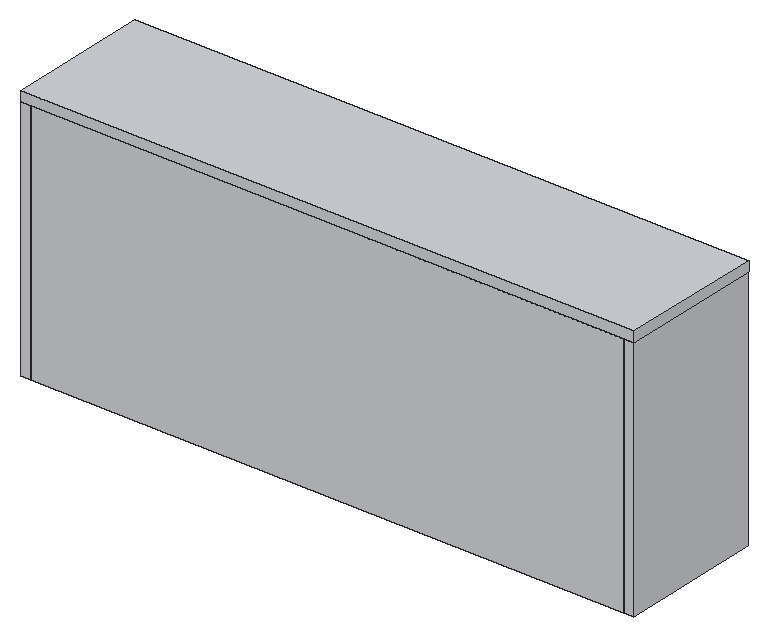
Revit family "АВЛН_Полка", category Мебель, Revit 2019
Family settings
  Номер OmniClass = 23.40.20.00
  Заголовок OmniClass = General Furniture and Specialties
  На основе рабочей плоскости = Нет
  Всегда вертикально = Да
  При загрузке вырезать с полостями = Нет
  Общий = Нет
  Точка расчета площади = Нет
Parameters (values of type "Полка к столу для препараторской1430х280х500")
  Описание = "Полка к столу для препараторской;1430х280х500;"
  Type Comments = ""
  Keynote = ""
  Manufacturer = ""
  Группа модели = "Оборудование основных помещений школы"
  ADSK_Размер_Ширина = 280 mm
  ADSK_Размер_Длина = 1200 mm
  ADSK_Размер_Высота = 500 mm
  ADSK_Обозначение = ""
  ADSK_Масса = 0
  ADSK_Код изделия = ""
  ADSK_Единица измерения = "шт"  # constant formula
Reference planes
  plane 1 "По центру (Вперед/Назад)": y = 0
  plane 2: z = 0
  plane 3 "По центру (Влево/Вправо)": x = 0
  plane 4: z = 500
  plane 5: y = 140
  plane 6: x = 600
  plane 7: x = -600
  plane 8: y = -140
Forms (mm)
  Extrusion 1, solid
    sketch origin (0, -518.993, 632.976) x (-1, 0, 0) y (0, -1, 0)
      loop
        line (600, -658.993) -> (600, -378.993) -> (-600, -378.993) -> (-600, -658.993) -> (600, -658.993)
    from -152.976 to -132.976
  Extrusion 2, solid
    sketch origin (0, 0, 0) x (1, 0, 0) y (0, 0, 1)
      loop
        line (600, 480) -> (580, 480) -> (580, 0) -> (600, 0) -> (600, 480)
      loop
        line (-600, 480) -> (-600, 0) -> (-580, 0) -> (-580, 480) -> (-600, 480)
    from -140 to 140
  Extrusion 3, solid
    sketch origin (0, 0, 0) x (1, 0, 0) y (0, 0, 1)
      loop
        line (580, 480) -> (-580, 480) -> (-580, 0) -> (580, 0) -> (580, 480)
    from 121.935 to 140
  Extrusion 4, solid
    sketch origin (0, -518.993, 232.976) x (-1, 0, 0) y (0, -1, 0)
      loop
        line (580, -658.993) -> (580, -397.058) -> (-580, -397.058) -> (-580, -658.993) -> (580, -658.993)
    from -152.976 to -132.976
  Extrusion 5, solid
    sketch origin (0, 0, 0) x (1, 0, 0) y (0, 0, 1)
      loop
        line (10.018, 480) -> (-9.982, 480) -> (-9.982, 100) -> (10.018, 100) -> (10.018, 480)
    from -140 to 121.935
Dimensions and locks
  plane 2 to plane 4 = 500 mm
  equal spacing: plane 8, plane 1 "По центру (Вперед/Назад)", plane 5
  equal spacing: plane 7, plane 3 "По центру (Влево/Вправо)", plane 6
  "ADSK_Размер_Длина": plane 7 to plane 6
  "ADSK_Размер_Ширина": plane 5 to plane 8
  "ADSK_Размер_Высота": plane 2 to plane 4
  locked: Extrusion 1 to plane 4 at 20
  locked: plane 6 to Extrusion 2 sketch curve at 20
  locked: Extrusion 2 sketch curve to plane 7 at 20
  plane 2 to Extrusion 4 to Extrusion 4 = 80 mm locked, 20 mm locked
  Extrusion 5 sketch curve to plane 3 "По центру (Влево/Вправо)" to Extrusion 5 sketch curve = 10.018 mm locked, 9.982 mm locked
  locked: Extrusion 3 to plane 8 at 18.065
  aligned and locked: level to plane 2
  aligned and locked: Extrusion 1 sketch curve to plane 5
  aligned and locked: plane 7 to Extrusion 1 sketch curve
  aligned and locked: Extrusion 1 sketch curve to plane 8
  aligned and locked: Extrusion 1 sketch curve to plane 6
  aligned and locked: Extrusion 1 to plane 4
  aligned and locked: Extrusion 2 sketch curve to Extrusion 1  (x4)
  aligned and locked: Extrusion 2 sketch curve to level
  aligned and locked: level to Extrusion 2 sketch curve
  aligned and locked: Extrusion 2 to plane 8
  aligned and locked: plane 5 to Extrusion 2
  aligned and locked: Extrusion 2 to Extrusion 3 sketch curve
  aligned and locked: Extrusion 3 sketch curve to Extrusion 2  (x2)
  aligned and locked: Extrusion 3 sketch curve to level
  aligned and locked: Extrusion 4 to Extrusion 2  (x2)
  aligned and locked: Extrusion 5 sketch curve to Extrusion 1
  aligned and locked: Extrusion 5 sketch curve to Extrusion 4
  aligned and locked: Extrusion 1 to Extrusion 5
  aligned and locked: Extrusion 3 to plane 8
  aligned and locked: Extrusion 4 to Extrusion 3
  aligned and locked: Extrusion 5 to Extrusion 3
Automatic sketch dimensions
  Extrusion 2 sketch curve to level = 0 mm
  plane 5 to Extrusion 4 sketch curve = 0 mm
  Extrusion 4 sketch curve to plane 6 = 20 mm
  plane 7 to Extrusion 4 sketch curve = 20 mm
  plane 8 to Extrusion 4 sketch curve = 18.065 mm
